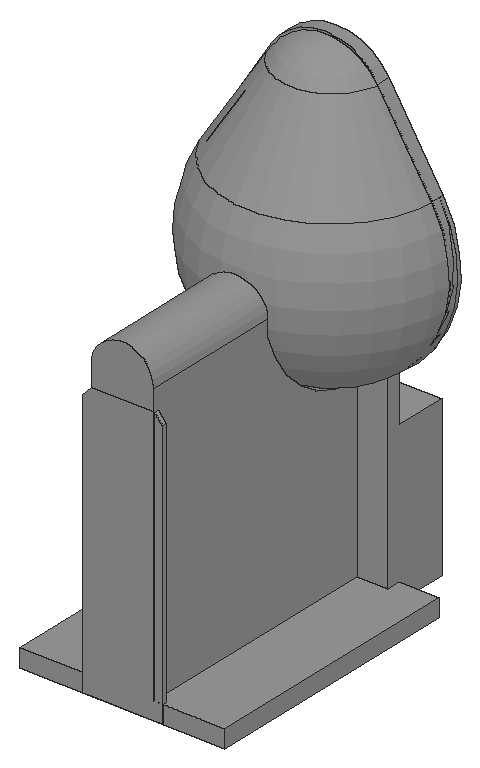
Revit family "Toilet-Willoughby-1490-ETWS-FM-BS", category Plumbing Fixtures, host Face, Revit 2014
Parameters (values of type "Standard")
  Waste DIA = 2 1/2"
  Waste Connection = yes
  W-RAD [instance] = Waste DIA / 2  # 0' - 1 1/4"
  Vent Connection = no
  URL = "www.willoughby-ind.com"
  Type Comments = "Siphon Jet Flush"
  Revision = "A"
  Model = "ETWS-1490-FM-BS"
  Manufacturer = "Willoughby Industries"
  HW Connection = no
  Flush inlet DIA = 1 1/2"
  Flush Inlet Connection = yes
  Fixture Body = Stainless Steel AISI 304-Willoughby
  F-RAD [instance] = Flush inlet DIA / 2  # 0' - 0 3/4"
  Description = "Floor Mounted Toilet"
  Default Elevation = 0' - 0"
  Contact Number = "(800) 428-4065"
  CW Connection = no
Reference planes (in)
  plane 1 "Base": y = -16.25
  plane 2: z = 0
  plane 3 "Center": x = 18.31072
  plane 4 "Seat HGT": y = -1.25
  plane 5: z = -6.75
  plane 6: y = -2.125
  plane 7: y = -14.0625
  plane 8 "Flush HGT": y = 0.5
  plane 9: x = 16.56072
  plane 10: x = 20.06072
  plane 11: x = 12.56072
  plane 12: x = 24.06072
  plane 13 "Waste HGT": y = -10.75
  plane 14: z = 8.875
Forms (in)
  Extrusion 1, solid, material "Stainless Steel AISI 304-Willoughby" <- "Fixture Body"
    sketch origin (16.08109, 7.47968, -5.1422) x (-1, 0, 0) y (0, 0, -1)
      loop
        line (1.29775, -16.80087) -> (1.29775, -5.1422) -> (-5.72963, -5.1422) -> (-5.72963, -16.81676)
        arc (-5.72963, -16.81676) -> (-8.98136, -21.11843) -> (-8.21015, -26.45542) r 7
        line (-8.21015, -26.45542) -> (-5.16818, -31.31054)
        arc (-5.16818, -31.31054) -> (-2.20225, -32.95225) -> (0.76368, -31.31054) r 3.5
        line (0.76368, -31.31054) -> (3.80565, -26.45542)
        arc (3.80565, -26.45542) -> (4.5729, -21.10311) -> (1.29775, -16.80087) r 7
      loop
        arc (2.03989, -24.70557) -> (-2.20225, -18.23804) -> (-6.44438, -24.70557) r 4.625
        line (-6.44438, -24.70557) -> (-4.04125, -30.23842)
        arc (-4.04125, -30.23842) -> (-2.20225, -31.45225) -> (-0.36324, -30.23842) r 2
        line (-0.36324, -30.23842) -> (2.03989, -24.70557)
    from 8.72968 to 9.5
  Revolve 2, solid, material "Stainless Steel AISI 304-Willoughby" <- "Fixture Body"
    sketch origin (19.37246, -1.52032, -1.93826) x (-1, 0, 0) y (0, 0, -1)
      loop
        line (1.06174, -12.59906) -> (1.06174, -12.84906)
        arc (1.06174, -12.84906) -> (6.96784, -16.33096) -> (6.78077, -23.18447) r 6.75
        line (6.78077, -23.18447) -> (3.81535, -27.91457)
        arc (3.81535, -27.91457) -> (2.63527, -29.03194) -> (1.06174, -29.43826) r 3.25
        line (1.06174, -29.43826) -> (1.06174, -29.68826)
        arc (1.06174, -29.68826) -> (2.75672, -29.25045) -> (4.02767, -28.04656) r 3.5
        line (4.02767, -28.04656) -> (7.06964, -23.19143)
        arc (7.06964, -23.19143) -> (7.15052, -16.14555) -> (1.06174, -12.59906) r 7
      axis (1.06174, -12.59906) -> (1.06174, -29.68826)
    angle from 0 to -180
  Extrusion 3, solid, material "Stainless Steel AISI 304-Willoughby" <- "Fixture Body"
    sketch origin (19.53334, -3.02032, -2.9508) x (0, 1, 0) y (0, 0, 1)
      loop
        line (-5.27082, 2.9508) -> (1, 2.9508) -> (1, 13.76086)
        arc (1, 13.76086) -> (-2.93256, 15.26109) -> (-5.27082, 18.76086) r 6.92744
        line (-5.27082, 18.76086) -> (-5.27082, 2.9508)
    from 0.52738 to -2.97262
  Extrusion 4, solid, material "Stainless Steel AISI 304-Willoughby" <- "Fixture Body"
    sketch origin (0, 14.59309, -3) x (1, 0, 0) y (0, 1, 0)
      loop
        circle (18.31072, -25.34309) r 1.25
    from 5.5 to 0
  Extrusion 5, solid, material "Stainless Steel AISI 304-Willoughby" <- "Fixture Body"
    sketch origin (18.31072, 0, -1) x (0, 1, 0) y (0, 0, 1)
      loop
        line (-1.25, 1) -> (1.75, 1) -> (1.75, 9.875) -> (-1.25, 9.875) -> (-1.25, 1)
    from -3.52738 to 3.5
  Extrusion 6, solid, material "Stainless Steel AISI 304-Willoughby" <- "Fixture Body"
    sketch origin (0, 0, 0) x (1, 0, 0) y (0, 1, 0)
      loop
        circle (18.31072, 0.5) r 0.75
    from 0 to 1
  Extrusion 7, solid, material "Stainless Steel AISI 304-Willoughby" <- "Fixture Body"
    sketch origin (0, -16.25, 0) x (1, 0, 0) y (0, 0, 1)
      loop
        line (24.06072, 0) -> (24.06072, 1) -> (12.56072, 1) -> (12.56072, 0) -> (24.06072, 0)
    from -15 to 0
  Extrusion 8, solid, material "Stainless Steel AISI 304-Willoughby" <- "Fixture Body"
    sketch origin (0, -16.25, 2) x (1, 0, 0) y (0, 0, 1)
      loop
        line (20.06072, -2) -> (20.06072, 14.68252)
        arc (20.06072, 14.68252) -> (18.31072, 16.43252) -> (16.56072, 14.68252) r 1.75
        line (16.56072, 14.68252) -> (16.56072, -2) -> (20.06072, -2)
    from 0 to -7.95886
  Extrusion 9, solid, material "Stainless Steel AISI 304-Willoughby" <- "Fixture Body"
    sketch origin (0, -16.25, 0) x (1, 0, 0) y (0, 0, 1)
      loop
        line (20.06072, 0) -> (20.56072, 0) -> (20.56072, 15) -> (20.06072, 15.5) -> (16.56072, 15.5) -> (16.06072, 15) -> (16.06072, 0) -> (16.56072, 0) -> (20.06072, 0)
    from 0 to -0.25
Cuts and joins
  joined: Extrusion 1, Extrusion 3, Extrusion 5, Extrusion 7, Extrusion 8
Lines and regions (in)
  symbolic lines
    curve 1: line (11.28334, -2.02032, 0) -> (11.28334, -1.25, 0)
    curve 2: line (11.28334, -1.25, 0) -> (25.28334, -1.25, 0)
    curve 3: line (25.28334, -1.25, 0) -> (25.28334, -2.02032, 0)
    curve 4: arc (25.28334, -2.02032, 0) -> (23.10884, -6.6633, 0) -> (18.31072, -8.46988, 0) r 6.80317
    curve 5: arc (18.31072, -8.46988, 0) -> (13.52391, -6.63228, 0) -> (11.28334, -2.02032, 0) r 6.98154
    curve 6: line (24.06072, -5.57312, 0) -> (24.06072, -16.25, 0)
    curve 7: line (24.06072, -16.25, 0) -> (12.56072, -16.25, 0)
    curve 8: line (12.56072, -16.25, 0) -> (12.56072, -5.54271, 0)
    curve 9: line (20.06072, -8.28823, 0) -> (20.06072, -16.25, 0)
    curve 10: line (16.56072, -8.26408, 0) -> (16.56072, -16.25, 0)
    curve 11: line (16.56072, -16, 0) -> (16.06072, -16, 0)
    curve 12: line (16.06072, -16, 0) -> (16.06072, -16.25, 0)
    curve 13: line (20.06072, -16, 0) -> (20.56072, -16, 0)
    curve 14: line (20.56072, -16, 0) -> (20.56072, -16.25, 0)
    curve 15: line (14.78334, -16.25, 11.65867) -> (14.78334, -16.25, 0)
    curve 16: line (21.81072, -16.25, 11.67456) -> (21.81072, -16.25, 0)
    curve 17: line (21.81072, -16.25, 0) -> (14.78334, -16.25, 0)
    curve 18: line (14.78334, -16.25, 1) -> (12.56072, -16.25, 1)
    curve 19: line (12.56072, -16.25, 1) -> (12.56072, -16.25, 0)
    curve 20: line (21.81072, -16.25, 1) -> (24.06072, -16.25, 1)
    curve 21: line (24.06072, -16.25, 1) -> (24.06072, -16.25, 0)
    curve 23: arc (21.81072, -16.25, 11.67456) -> (25.08309, -16.25, 15.93539) -> (24.31862, -16.25, 21.25317) r 6.91677
    curve 24: line (24.31862, -16.25, 21.25317) -> (21.25205, -16.25, 26.1639)
    curve 25: arc (21.25205, -16.25, 26.1639) -> (19.99152, -16.25, 27.34663) -> (18.31072, -16.25, 27.75) r 3.3743
    curve 26: arc (18.31072, -16.25, 27.75) -> (16.6278, -16.25, 27.31167) -> (15.31741, -16.25, 26.16835) r 3.79289
    curve 27: line (15.31741, -16.25, 26.16835) -> (12.35249, -16.25, 21.43905)
    curve 28: arc (12.35249, -16.25, 21.43905) -> (11.49002, -16.25, 16.03241) -> (14.78334, -16.25, 11.65867) r 7
    curve 34: line (18.31072, -8.46852, 18.44021) -> (18.31072, -16.25, 18.44021)
    curve 35: line (18.31072, -16.25, 18.44021) -> (18.31072, -16.25, 0)
    curve 36: line (18.31072, -16.25, 0) -> (18.31072, 1.75, 0)
    curve 37: line (18.31072, 1.75, 0) -> (18.31072, 1.75, 8.875)
    curve 38: line (18.31072, 1.75, 8.875) -> (18.31072, -1.25, 8.875)
    curve 39: line (18.31072, -1.25, 8.875) -> (18.31072, -1.25, 27.81005)
    curve 40: line (18.31072, -1.25, 27.81005) -> (18.31072, -2.02032, 27.81005)
    curve 41: arc (18.31072, -2.02032, 27.81005) -> (18.31072, -3.34572, 27.26246) -> (18.31072, -4.38505, 26.27438) r 3.91547
    curve 42: line (18.31072, -4.38505, 26.27438) -> (18.31072, -7.52822, 21.25317)
    curve 43: arc (18.31072, -7.52822, 21.25317) -> (18.31072, -8.16561, 19.90259) -> (18.31072, -8.46852, 18.44021) r 6.32393
    curve 44: arc (18.31072, -8.29114, 15.81005) -> (18.31072, -8.29902, 17.13058) -> (18.31072, -8.46852, 18.44021) r 10.76525
    curve 45: arc (18.31072, -8.29114, 15.81005) -> (18.31072, -5.95289, 12.31029) -> (18.31072, -2.02032, 10.81005) r 6.92744
    curve 46: line (18.31072, -2.02032, 10.81005) -> (18.31072, -2.02032, 11.65867)
    curve 47: line (18.31072, -2.02032, 11.65867) -> (18.31072, -1.25, 11.65867)
    curve 48: line (18.31072, -2.02032, 10.81005) -> (18.31072, -2.02032, 1)
    curve 49: line (18.31072, -1.25, 0) -> (18.31072, -1.25, 1)
    curve 50: line (18.31072, -1.25, 1) -> (18.31072, -16.25, 1)
  symbolic lines, detail levels medium+fine
    curve 22: line (21.81072, -16.25, 8.875) -> (14.78334, -16.25, 8.875)
  symbolic lines, detail levels fine
    curve 29: arc (14.0412, -16.25, 19.56337) -> (18.28334, -16.25, 13.09585) -> (22.52547, -16.25, 19.56337) r 4.625
    curve 30: line (22.52547, -16.25, 19.56337) -> (20.12234, -16.25, 25.09622)
    curve 31: arc (20.12234, -16.25, 25.09622) -> (19.38317, -16.25, 25.97635) -> (18.28334, -16.25, 26.31005) r 2.01767
    curve 32: arc (18.28334, -16.25, 26.31005) -> (17.17969, -16.25, 25.98213) -> (16.44433, -16.25, 25.09622) r 1.9827
    curve 33: line (16.44433, -16.25, 25.09622) -> (14.0412, -16.25, 19.56337)
Dimensions and locks (in)
  plane 1 "Base" to plane 4 "Seat HGT" = 1' - 3"
  plane 13 "Waste HGT" to plane 1 "Base" = 0' - 5 1/2"
  plane 1 "Base" to plane 13 "Waste HGT" = 0' - 5 1/2"
  plane 1 "Base" to plane 8 "Flush HGT" = 1' - 4 3/4"
  plane 11 to plane 12 = 0' - 11 1/2"
  plane 11 to plane 3 "Center" = 0' - 5 3/4"
  "W-RAD": radius of Extrusion 4 sketch curve
  "F-RAD": radius of Extrusion 6 sketch curve
  aligned and locked: plane 2 to host face
  aligned and locked: level to host face
  aligned and locked: plane 3 "Center" to Extrusion 4 sketch curve
  aligned and locked: plane 8 "Flush HGT" to Extrusion 6 sketch curve
  aligned and locked: plane 3 "Center" to Extrusion 6 sketch curve
  aligned and locked: plane 13 "Waste HGT" to Extrusion 4 sketch curve
  aligned and locked: level to cut or joined group of Extrusion 1, Extrusion 3, Extrusion 5, Extrusion 7, Extrusion 8
  aligned and locked: cut or joined group of Extrusion 1, Extrusion 3, Extrusion 5, Extrusion 7, Extrusion 8 to cut or joined group of Extrusion 1, Extrusion 3, Extrusion 5, Extrusion 7, Extrusion 8  (x2)
Automatic sketch dimensions
  host sketch curve to host sketch curve = 3' - 5.3917"
  host sketch curve to host sketch curve = 3' - 2.61225"
  Extrusion 1 sketch curve to Extrusion 1 sketch curve = 0' - 0"  (x8)
  level to Extrusion 1 sketch curve = 0' - 0"
  plane 3 "Center" to Extrusion 1 sketch curve = 0' - 5.98052"
  Extrusion 1 sketch curve to Extrusion 1 sketch curve = 0' - 1.76576"  (x2)
  plane 3 "Center" to Extrusion 1 sketch curve = 0' - 3 1/2"
  plane 3 "Center" to Extrusion 1 sketch curve = 0' - 2.93855"
  Extrusion 1 sketch curve to Extrusion 1 sketch curve = 0' - 1.12693"  (x2)
  Extrusion 1 sketch curve to plane 3 "Center" = 0' - 0.02738"  (x2)
  Extrusion 1 sketch curve to plane 3 "Center" = 0' - 1.86639"
  Extrusion 1 sketch curve to plane 3 "Center" = 0' - 3.52738"
  Extrusion 1 sketch curve to plane 3 "Center" = 0' - 4 69/256"
  Extrusion 1 sketch curve to Extrusion 1 sketch curve = 0' - 11.65867"
  Extrusion 1 sketch curve to Extrusion 1 sketch curve = 0' - 0.01589"
  Extrusion 1 sketch curve to Extrusion 1 sketch curve = 0' - 6.06218"
  Extrusion 1 sketch curve to Extrusion 1 sketch curve = 0' - 1.74985"
  Extrusion 1 sketch curve to Extrusion 1 sketch curve = 0' - 4.74668"
  Extrusion 1 sketch curve to Extrusion 1 sketch curve = 0' - 0.78617"
  Extrusion 1 sketch curve to Extrusion 1 sketch curve = 0' - 1.07212"
  Revolve 2 sketch curve to Revolve 2 sketch curve = 0' - 0"  (x2)
  Revolve 2 sketch curve to plane 3 "Center" = 0' - 0"  (x3)
  plane 3 "Center" to Revolve 2 sketch curve = 0' - 0"
  Revolve 2 sketch curve to plane 3 "Center" = 0' - 2.75361"
  Revolve 2 sketch curve to Revolve 2 sketch curve = 0' - 0.21232"
  Revolve 2 sketch curve to Revolve 2 sketch curve = 0' - 2.96542"
  Revolve 2 sketch curve to Revolve 2 sketch curve = 0' - 0.28887"
  level to Revolve 2 sketch curve = 2' - 3 3/4"
  Revolve 2 sketch curve to Revolve 2 sketch curve = 0' - 0 1/4"
  Revolve 2 sketch curve to Revolve 2 sketch curve = 0' - 1.3917"
  Revolve 2 sketch curve to Revolve 2 sketch curve = 0' - 0.13199"
  Revolve 2 sketch curve to Revolve 2 sketch curve = 0' - 4.85513"
  Revolve 2 sketch curve to Revolve 2 sketch curve = 0' - 0.00696"
  Revolve 2 sketch curve to Revolve 2 sketch curve = 0' - 3 1/4"
  Revolve 2 sketch curve to Revolve 2 sketch curve = 0' - 3.3392"
  Revolve 2 sketch curve to Revolve 2 sketch curve = 0' - 2.4108"
  level to Extrusion 3 sketch curve = 0' - 0"
  plane 6 to Extrusion 3 sketch curve = 0' - 0.10468"
  plane 4 "Seat HGT" to Extrusion 3 sketch curve = 0' - 0.38413"
  Extrusion 3 sketch curve to Extrusion 3 sketch curve = 0' - 10.81005"
  Extrusion 3 sketch curve to Extrusion 3 sketch curve = 0' - 5"
  Extrusion 5 sketch curve to level = 0' - 0"
  Extrusion 5 sketch curve to plane 4 "Seat HGT" = 0' - 0"
  Extrusion 5 sketch curve to plane 8 "Flush HGT" = 0' - 1 1/4"
  level to Extrusion 5 sketch curve = 0' - 8 7/8"
  Extrusion 7 sketch curve to level = 0' - 0"
  level to Extrusion 7 sketch curve = 0' - 1"
  plane 11 to Extrusion 7 sketch curve = 0' - 0"
  Extrusion 7 sketch curve to plane 12 = 0' - 0"
  level to Extrusion 8 sketch curve = 0' - 0"
  Extrusion 8 sketch curve to plane 10 = 0' - 0"
  level to Extrusion 8 sketch curve = 1' - 4.68252"
  plane 9 to Extrusion 8 sketch curve = 0' - 0"
  Extrusion 3 sketch curve to Extrusion 3 sketch curve = 0' - 6.27082"
  Extrusion 9 sketch curve to level = 0' - 0"
  Extrusion 9 sketch curve to plane 9 = 0' - 0"  (x2)
  Extrusion 9 sketch curve to plane 10 = 0' - 0"  (x2)
  Extrusion 9 sketch curve to Extrusion 9 sketch curve = 0' - 0 1/2"  (x3)
  plane 10 to Extrusion 9 sketch curve = 0' - 0 1/2"
  plane 14 to Extrusion 9 sketch curve = 0' - 6 1/8"
  plane 4 "Seat HGT" to curve 1 = 0' - 0"
  plane 1 "Base" to curve 7 = 0' - 0"
  curve 7 to plane 11 = 0' - 0"
  curve 10 to plane 9 = 0' - 0"
  curve 5 to plane 3 "Center" = 0' - 0"
  curve 13 to plane 10 = 0' - 0"
  curve 6 to plane 12 = 0' - 0"
  plane 6 to curve 1 = 0' - 0.10468"
  curve 1 to plane 11 = 0' - 1.27738"
  curve 5 to plane 3 "Center" = 0' - 0.06612"
  plane 3 "Center" to curve 4 = 0' - 0.17853"
  curve 14 to plane 1 "Base" = 0' - 0 1/4"
  plane 10 to curve 14 = 0' - 0 1/2"
  plane 6 to curve 3 = 0' - 0.10468"
  plane 12 to curve 3 = 0' - 1.22262"
  plane 4 "Seat HGT" to curve 4 = 0' - 0.41905"
  curve 12 to plane 9 = 0' - 0 1/2"
  curve 10 to curve 11 = 0' - 0 1/4"
  curve 28 to curve 29 = 0' - 0"  (x2)
  curve 19 to plane 11 = 0' - 0"
  curve 15 to level = 0' - 0"
  curve 22 to plane 14 = 0' - 0"
  curve 26 to plane 3 "Center" = 0' - 0"
  curve 25 to plane 3 "Center" = 0' - 0"
  curve 21 to plane 12 = 0' - 0"
  curve 21 to level = 0' - 0"
  curve 19 to level = 0' - 0"
  curve 27 to plane 11 = 0' - 0.20823"
  curve 15 to plane 9 = 0' - 1.77738"
  curve 27 to plane 9 = 0' - 1.24331"
  curve 31 to plane 3 "Center" = 0' - 0.03902"
  curve 31 to curve 32 = 0' - 0.0002"
  curve 28 to plane 3 "Center" = 0' - 0.02738"
  plane 3 "Center" to curve 25 = 0' - 0.07924"
  plane 3 "Center" to curve 23 = 0' - 0.08114"
  plane 3 "Center" to curve 26 = 0' - 0.08907"
  plane 10 to curve 30 = 0' - 0.06162"
  plane 10 to curve 24 = 0' - 1.19133"
  plane 10 to curve 16 = 0' - 1 3/4"
  curve 30 to plane 12 = 0' - 1.53525"
  plane 12 to curve 24 = 0' - 0.2579"
  level to curve 18 = 0' - 1"
  curve 21 to curve 21 = 0' - 1"
  plane 14 to curve 15 = 0' - 2.78367"
  plane 14 to curve 16 = 0' - 2.79956"
  curve 16 to curve 23 = 0' - 6.01275"
  curve 23 to curve 29 = 0' - 0.03353"
  curve 30 to curve 23 = 0' - 1.6898"
  curve 30 to curve 26 = 0' - 4.39478"
  curve 26 to curve 31 = 0' - 0.33426"
  curve 31 to curve 32 = 0' - 0.03496"
  curve 32 to curve 25 = 0' - 0.04925"
  curve 30 to curve 25 = 0' - 1.06768"
  plane 11 to curve 33 = 0' - 1 123/256"
  curve 32 to plane 9 = 0' - 0.11639"
  curve 32 to curve 31 = 0' - 0"
  curve 50 to plane 1 "Base" = 0' - 0"
  curve 47 to plane 4 "Seat HGT" = 0' - 0"
  curve 49 to plane 4 "Seat HGT" = 0' - 0"
  curve 37 to plane 14 = 0' - 0"
  curve 37 to level = 0' - 0"
  plane 1 "Base" to curve 44 = 0' - 2.78986"
  plane 13 "Waste HGT" to curve 34 = 0' - 2.28148"
  curve 43 to curve 42 = 0' - 0.9403"
  curve 42 to plane 6 = 0' - 2.26005"
  curve 43 to plane 6 = 0' - 0.0429"
  plane 6 to curve 40 = 0' - 0.10468"
  plane 6 to curve 48 = 0' - 0.10468"
  plane 4 "Seat HGT" to curve 45 = 0' - 0.38413"
  curve 41 to plane 4 "Seat HGT" = 0' - 0.0368"
  curve 37 to plane 8 "Flush HGT" = 0' - 1 1/4"
  plane 14 to curve 48 = 0' - 1.93505"
  curve 46 to curve 47 = 0' - 0.84862"
  plane 14 to curve 44 = 0' - 7.53121"
  curve 47 to curve 45 = 0' - 6.06805"
  curve 45 to curve 43 = 0' - 0.171"
  curve 44 to curve 34 = 0' - 2.034"
  curve 43 to curve 41 = 0' - 6.08095"
  curve 41 to curve 42 = 0' - 2.29571"
  curve 49 to curve 50 = 0' - 1"
Connectors (in)
  piping at (18.31072, -10.75, -3), diameter 2.5, driven by "W-RAD", driven by "Waste Connection"
    settings: on Extrusion 4, index 1, connector inside diameter 2 1/2", connector length 0' - 0", flow factor 0, pipe flow 0 GPM, pressure drop 0.00 psi, fitting loss kfactor 0, connector angle 0.00°, fixture units 0, engagement length 0' - 0", angle of deflection 0.00°, flow configuration 0, flow direction 2, fitting loss method 0, system type 16, joint type 0, gender type 0, connector reference index -1, connector utility 1, adjustable connector yes, is connector primary yes, connector description "Toilet Waste"
  piping at (18.31072, 0.5, 1), diameter 1.5, driven by "F-RAD", driven by "Flush Inlet Connection"
    settings: on Extrusion 6, index 2, connector inside diameter 1 1/2", connector length 0' - 0", flow factor 0, pipe flow 0 GPM, pressure drop 0.00 psi, fitting loss kfactor 0, connector angle 0.00°, fixture units 0, engagement length 0' - 0", angle of deflection 0.00°, flow configuration 0, flow direction 1, fitting loss method 0, system type 20, joint type 0, gender type 0, connector reference index -1, connector utility 1, adjustable connector no, is connector primary no, connector description "Flush Inlet"
